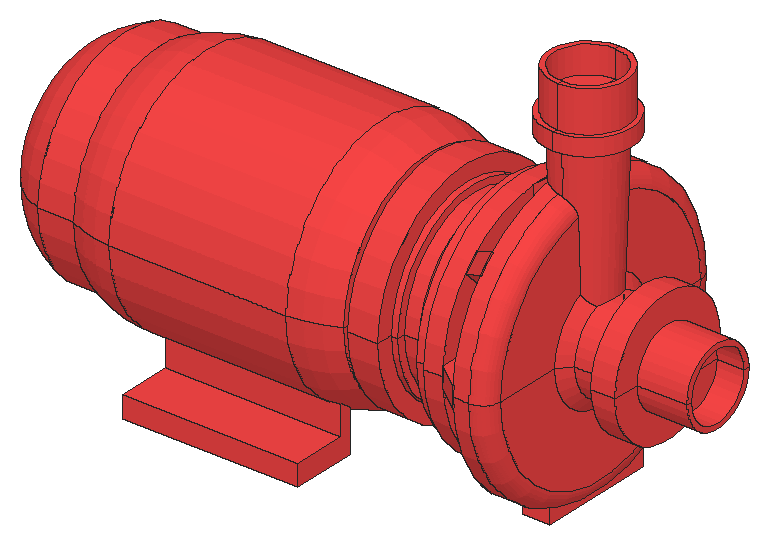
Revit family "Bomba de Incêndio Elétrica", category Equipamento mecânico, Revit 2026
Family settings
  Cota do conector redondo = Usar raio
  Classificação = Nenhum
  Tipo de parte = Normal
  Com base no plano de trabalho = Sim
  Sempre na vertical = Sim
  Corte com vazios quando carregada = Não
  Manter orientação da anotação = Não
  Compartilhado = Não
  Ponto de cálculo do ambiente = Não
Parameters (values of type "Bomba de Incêndio - 7.5cv")
  Vazão Saída [instance] = 0.0 L/min
  Vazão Entrada [instance] = Vazão Saída  # 0.0 L/min
  Tipo de imagem = Bomba Eletrica.png
  Tipo de Sistema [instance] = ""
  Símbolo [instance] = yes
  SÍMBOLO = yes
  Modelo = "Hidráulica"
  Mato Grosso = no
  Material = Vermelho
  IMAGEM SIMBOLO MATO GROSSO = 0
  IMAGEM SIMBOLO DISTRITO FEDERAL = 0
  IMAGEM SIMBOLO DEMAIS ESTADOS = 0
  Fabricante = "-"
  Localização no Projeto [instance] = ""
  Default Elevation = 1219.2 mm
  Diâmetro Sucção [instance] = 32.5 mm
  Diâmetro Recalque [instance] = 32.5 mm
  Distrito Federal = no
  Dimensões = ""
  Descrição do Material = ""
  Descrição = "Bombas de Incêndio - Sistema de Hidrante - 7.5cv"
  Demais estados = yes
  DESCRIÇÃO DO MATERIAL = Descrição  # "Bombas de Incêndio - Sistema de Hidrante - 7.5cv"
  Base = Concrete
Types (2, lengths in mm): name | Descrição | DESCRIÇÃO DO MATERIAL
  Bomba de Incêndio - 7.5cv | "Bombas de Incêndio - Sistema de Hidrante - 7.5cv" | "Bombas de Incêndio - Sistema de Hidrante - 7.5cv"
  Bomba de Incêndio - 5cv | "Bomba de Recalque - Sistema de Sprinklers - 5cv" | "Bomba de Recalque - Sistema de Sprinklers - 5cv"
Reference planes
  plane 1 "Center (Front/Back)": y = 0
  plane 2: z = 0
  plane 3 "Center (Left/Right)": x = 0
  plane 4: x = -125.439
Forms (mm)
  Revolve 1, solid, material "Vermelho", detail levels medium+fine
    sketch origin (0, 0, 138.971) x (1, 0, 0) y (0, 1, 0)
      loop
        line (-277.803, 93.836) -> (-277.803, 106.637)
        arc (-277.803, 106.637) -> (-300.004, 116.166) -> (-323.944, 119.421) r 89.66
        line (-323.944, 119.421) -> (-496.134, 119.421)
        arc (-496.134, 119.421) -> (-519.55, 115.769) -> (-541.576, 107.022) r 106.358
        line (-541.576, 107.022) -> (-575.576, 107.022)
        arc (-575.576, 107.022) -> (-604.124, 90.526) -> (-624.427, 64.548) r 86.51
        line (-624.427, 64.548) -> (-624.427, 0) -> (-25.667, 0) -> (-25.667, 32.5) -> (1.033, 32.5) -> (1.033, 37.5) -> (-47.852, 37.5) -> (-47.852, 64.399) -> (-70.537, 64.399) -> (-70.537, 44.399) -> (-103.083, 44.399) -> (-112.704, 56.81) -> (-112.704, 121.758)
        arc (-112.704, 121.758) -> (-117.805, 134.072) -> (-130.119, 139.173) r 17.415
        line (-130.119, 139.173) -> (-145.553, 139.173) -> (-145.553, 49.949) -> (-171.347, 49.949) -> (-171.347, 119.421) -> (-189.813, 119.421) -> (-189.813, 112.991) -> (-201.721, 112.991) -> (-201.721, 21.621) -> (-206.192, 21.621) -> (-206.192, 27.14) -> (-211.501, 27.14) -> (-211.501, 41.845) -> (-216.391, 46.735) -> (-216.391, 59.064) -> (-217.963, 59.064) -> (-217.963, 73.001) -> (-220.087, 73.001) -> (-220.087, 86.728) -> (-235.087, 86.728) -> (-235.087, 93.836) -> (-242.175, 93.836) -> (-242.175, 109.536) -> (-271.236, 109.536) -> (-271.236, 93.836) -> (-277.803, 93.836)
      axis (-624.427, 0) -> (1.033, 0)
    angle from 0 to 360
  Extrusion 2, solid, material "Vermelho", detail levels medium+fine
    sketch origin (0, 0, 138.971) x (0, 1, 0) y (0, 0, 1)
      loop
        line (-54.173, -98.971) -> (-54.173, -138.971) -> (59.223, -138.971) -> (59.223, -98.971) -> (-54.173, -98.971)
    from -145.553 to -119
  Revolve 3, solid, material "Vermelho", detail levels medium+fine
    sketch origin (-125, 0, 138.971) x (0, 1, 0) y (0, 0, 1)
      loop
        line (37.5, 236.222) -> (32.5, 236.222) -> (32.5, 209.522) -> (0, 209.522) -> (0, 23.895) -> (27.174, 23.895) -> (32.504, 179.489) -> (42.504, 179.489) -> (42.504, 196.029) -> (37.5, 196.029) -> (37.5, 236.222)
      axis (0, 23.895) -> (0, 236.222)
    angle from 0 to 360
  Extrusion 4, solid, material "Vermelho", detail levels medium+fine
    sketch origin (0, 0, 138.971) x (1, 0, 0) y (0, 1, 0)
      loop
        line (-171.347, 119.421) -> (-171.347, 54.173) -> (-145.553, 54.173) -> (-145.553, 139.173) -> (-171.347, 119.421)
    from -10 to 10
  Extrusion 5, solid, material "Vermelho", detail levels medium+fine
    sketch origin (0, 0, 138.971) x (1, 0, 0) y (0, 0.707107, 0.707107)
      loop
        line (-171.347, 119.421) -> (-171.347, 54.173) -> (-145.553, 54.173) -> (-145.553, 139.173) -> (-171.347, 119.421)
    from -10 to 10
  Extrusion 6, solid, material "Vermelho", detail levels medium+fine
    sketch origin (0, 0, 138.971) x (1, 0, 0) y (0, 0, 1)
      loop
        line (-171.347, 119.421) -> (-171.347, 54.173) -> (-145.553, 54.173) -> (-145.553, 139.173) -> (-171.347, 119.421)
    from -10 to 10
  Extrusion 7, solid, material "Vermelho", detail levels medium+fine
    sketch origin (0, 0, 138.971) x (1, 0, 0) y (0, 1, 0)
      loop
        line (-171.347, -119.421) -> (-145.553, -139.173) -> (-145.553, -54.173) -> (-171.347, -54.173) -> (-171.347, -119.421)
    from -10 to 10
  Extrusion 8, solid, material "Vermelho", detail levels medium+fine
    sketch origin (0, 0, 138.971) x (1, 0, 0) y (0, 0.707107, -0.707107)
      loop
        line (-171.347, -119.421) -> (-145.553, -139.173) -> (-145.553, -54.173) -> (-171.347, -54.173) -> (-171.347, -119.421)
    from -10 to 10
  Extrusion 9, solid, material "Vermelho", detail levels medium+fine
    sketch origin (0, 0, 138.971) x (1, 0, 0) y (0, -0.707107, 0.707107)
      loop
        line (-171.347, -119.421) -> (-145.553, -139.173) -> (-145.553, -54.173) -> (-171.347, -54.173) -> (-171.347, -119.421)
    from -10 to 10
  Extrusion 10, solid, material "Vermelho", detail levels medium+fine
    sketch origin (0, 0, 138.971) x (1, 0, 0) y (0, 0, 1)
      loop
        line (-171.347, -119.421) -> (-145.553, -139.173) -> (-145.553, -54.173) -> (-171.347, -54.173) -> (-171.347, -119.421)
    from -10 to 10
  Extrusion 11, solid, material "Vermelho", detail levels medium+fine
    sketch origin (0, 0, 138.971) x (1, 0, 0) y (0, -0.707107, -0.707107)
      loop
        line (-171.347, 119.421) -> (-171.347, 54.173) -> (-145.553, 54.173) -> (-145.553, 139.173) -> (-171.347, 119.421)
    from -10 to 10
  Extrusion 12, solid, material "Vermelho", detail levels medium+fine
    sketch origin (-330, 0, 138.971) x (0, 1, 0) y (0, 0, 1)
      loop
        line (99.551, 22.939) -> (65.116, -11.496) -> (65.116, -138.971) -> (125.759, -138.971) -> (125.759, -118.473) -> (99.551, -118.473) -> (99.551, 22.939)
      loop
        line (-75.731, -13.593) -> (-75.731, -118.473) -> (-129.009, -118.473) -> (-129.009, -138.971) -> (-65.116, -138.971) -> (-65.116, -24.208) -> (-75.731, -13.593)
    from -145.553 to 25
Lines and regions (mm)
  model lines, detail levels medium+fine
    curve 1: line (-125.439, -28.375, 0) -> (-125.439, 43.06, 0)
Dimensions and locks
  "Diâmetro Sucção": Revolve 1 sketch curve to Revolve 1 sketch curve
  locked: Revolve 1 sketch curve to Revolve 1 sketch curve at 5
  "Diâmetro Recalque": Revolve 3 sketch curve to Revolve 3 sketch curve
  locked: Revolve 3 sketch curve to Revolve 3 sketch curve at 5
  aligned and locked: level to plane 2
  aligned and locked: nested 1 to plane 3 "Center (Left/Right)"
  aligned and locked: nested 1 to plane 1 "Center (Front/Back)"
Automatic sketch dimensions
  curve 1 to plane 4 = 0 mm
  plane 1 "Center (Front/Back)" to curve 1 = 28.375 mm
  curve 1 to plane 1 "Center (Front/Back)" = 43.06 mm
  Extrusion 2 sketch curve to level = 0 mm
  plane 1 "Center (Front/Back)" to Extrusion 2 sketch curve = 54.173 mm
  Extrusion 2 sketch curve to plane 1 "Center (Front/Back)" = 59.223 mm
  level to Extrusion 2 sketch curve = 40 mm
  plane 4 to Extrusion 4 sketch curve = 45.907 mm
  plane 4 to Extrusion 4 sketch curve = 20.114 mm
  Extrusion 4 sketch curve to plane 1 "Center (Front/Back)" = 54.173 mm
  Extrusion 4 sketch curve to Extrusion 4 sketch curve = 65.248 mm
  Extrusion 4 sketch curve to Extrusion 4 sketch curve = 19.752 mm
  plane 4 to Extrusion 5 sketch curve = 45.907 mm
  plane 4 to Extrusion 5 sketch curve = 20.114 mm
  Extrusion 5 sketch curve to Extrusion 5 sketch curve = 65.248 mm
  Extrusion 5 sketch curve to Extrusion 5 sketch curve = 19.752 mm
  plane 4 to Extrusion 6 sketch curve = 45.907 mm
  plane 4 to Extrusion 6 sketch curve = 20.114 mm
  level to Extrusion 6 sketch curve = 193.144 mm
  Extrusion 6 sketch curve to Extrusion 6 sketch curve = 65.248 mm
  Extrusion 6 sketch curve to Extrusion 6 sketch curve = 19.752 mm
  Extrusion 7 sketch curve to plane 4 = 45.907 mm
  Extrusion 7 sketch curve to plane 4 = 20.114 mm
  Extrusion 7 sketch curve to plane 1 "Center (Front/Back)" = 54.173 mm
  Extrusion 7 sketch curve to Extrusion 7 sketch curve = 65.248 mm
  Extrusion 7 sketch curve to Extrusion 7 sketch curve = 19.752 mm
  plane 4 to Extrusion 8 sketch curve = 45.907 mm
  plane 4 to Extrusion 8 sketch curve = 20.114 mm
  Extrusion 8 sketch curve to Extrusion 8 sketch curve = 19.752 mm
  Extrusion 8 sketch curve to Extrusion 8 sketch curve = 65.248 mm
  plane 4 to Extrusion 9 sketch curve = 45.907 mm
  plane 4 to Extrusion 9 sketch curve = 20.114 mm
  Extrusion 9 sketch curve to Extrusion 9 sketch curve = 19.752 mm
  Extrusion 9 sketch curve to Extrusion 9 sketch curve = 65.248 mm
  level to Extrusion 10 sketch curve = 19.55 mm
  plane 4 to Extrusion 10 sketch curve = 45.907 mm
  plane 4 to Extrusion 10 sketch curve = 20.114 mm
  Extrusion 10 sketch curve to level = 0.202 mm
  Extrusion 10 sketch curve to Extrusion 10 sketch curve = 65.248 mm
  plane 4 to Extrusion 11 sketch curve = 45.907 mm
  plane 4 to Extrusion 11 sketch curve = 20.114 mm
  Extrusion 11 sketch curve to Extrusion 11 sketch curve = 65.248 mm
  Extrusion 11 sketch curve to Extrusion 11 sketch curve = 19.752 mm
  Extrusion 12 sketch curve to level = 0 mm  (x2)
  plane 1 "Center (Front/Back)" to Extrusion 12 sketch curve = 129.009 mm
  plane 1 "Center (Front/Back)" to Extrusion 12 sketch curve = 75.731 mm
  Extrusion 12 sketch curve to Extrusion 12 sketch curve = 10.615 mm  (x2)
  Extrusion 12 sketch curve to plane 1 "Center (Front/Back)" = 65.116 mm
  Extrusion 12 sketch curve to Extrusion 12 sketch curve = 34.435 mm  (x2)
  Extrusion 12 sketch curve to Extrusion 12 sketch curve = 26.207 mm
  level to Extrusion 12 sketch curve = 20.498 mm  (x2)
  Extrusion 12 sketch curve to Extrusion 12 sketch curve = 94.265 mm
  Extrusion 12 sketch curve to Extrusion 12 sketch curve = 106.977 mm
  Revolve 1 sketch curve to plane 1 "Center (Front/Back)" = 0 mm
  plane 1 "Center (Front/Back)" to Revolve 1 sketch curve = 0 mm
  plane 4 to Revolve 1 sketch curve = 498.987 mm
  Revolve 1 sketch curve to Revolve 1 sketch curve = 48.85 mm
  Revolve 1 sketch curve to plane 1 "Center (Front/Back)" = 25.242 mm
  Revolve 1 sketch curve to Revolve 1 sketch curve = 77.065 mm
  Revolve 1 sketch curve to Revolve 1 sketch curve = 34 mm
  Revolve 1 sketch curve to Revolve 1 sketch curve = 45.442 mm
  Revolve 1 sketch curve to plane 1 "Center (Front/Back)" = 13.162 mm
  Revolve 1 sketch curve to Revolve 1 sketch curve = 55.81 mm
  Revolve 1 sketch curve to Revolve 1 sketch curve = 172.19 mm
  Revolve 1 sketch curve to Revolve 1 sketch curve = 46.141 mm
  Revolve 1 sketch curve to Revolve 1 sketch curve = 6.567 mm
  Revolve 1 sketch curve to Revolve 1 sketch curve = 29.061 mm
  Revolve 1 sketch curve to Revolve 1 sketch curve = 7.088 mm
  Revolve 1 sketch curve to Revolve 1 sketch curve = 15 mm
  Revolve 1 sketch curve to Revolve 1 sketch curve = 2.125 mm
  Revolve 1 sketch curve to Revolve 1 sketch curve = 1.572 mm
  Revolve 1 sketch curve to plane 1 "Center (Front/Back)" = 41.845 mm
  Revolve 1 sketch curve to Revolve 1 sketch curve = 4.89 mm  (x2)
  Revolve 1 sketch curve to Revolve 1 sketch curve = 5.309 mm
  Revolve 1 sketch curve to Revolve 1 sketch curve = 4.471 mm
  Revolve 1 sketch curve to Revolve 1 sketch curve = 11.908 mm
  Revolve 1 sketch curve to Revolve 1 sketch curve = 18.466 mm
  plane 4 to Revolve 1 sketch curve = 20.114 mm
  plane 4 to Revolve 1 sketch curve = 4.679 mm
  Revolve 1 sketch curve to plane 4 = 12.736 mm
  Revolve 1 sketch curve to Revolve 1 sketch curve = 9.62 mm
  Revolve 1 sketch curve to Revolve 1 sketch curve = 32.546 mm
  Revolve 1 sketch curve to Revolve 1 sketch curve = 22.686 mm
  Revolve 1 sketch curve to Revolve 1 sketch curve = 22.184 mm
  plane 3 "Center (Left/Right)" to Revolve 1 sketch curve = 1.033 mm
  Revolve 1 sketch curve to plane 1 "Center (Front/Back)" = 21.621 mm
  Revolve 1 sketch curve to Revolve 1 sketch curve = 5.519 mm
  Revolve 1 sketch curve to plane 1 "Center (Front/Back)" = 29.762 mm
  Revolve 1 sketch curve to Revolve 1 sketch curve = 6.899 mm
  Revolve 1 sketch curve to Revolve 1 sketch curve = 8.104 mm
  Revolve 1 sketch curve to Revolve 1 sketch curve = 12.411 mm
  Revolve 1 sketch curve to Revolve 1 sketch curve = 12.33 mm
  Revolve 1 sketch curve to Revolve 1 sketch curve = 20 mm
  Revolve 1 sketch curve to Revolve 1 sketch curve = 64.548 mm
  Revolve 1 sketch curve to Revolve 1 sketch curve = 13.937 mm
  Revolve 1 sketch curve to Revolve 1 sketch curve = 13.727 mm
  Revolve 1 sketch curve to Revolve 1 sketch curve = 7.108 mm
  Revolve 1 sketch curve to Revolve 1 sketch curve = 12.801 mm
  Revolve 1 sketch curve to Revolve 1 sketch curve = 15.7 mm
  Revolve 1 sketch curve to Revolve 1 sketch curve = 26.263 mm
  Revolve 1 sketch curve to Revolve 1 sketch curve = 6.431 mm
  Revolve 1 sketch curve to Revolve 1 sketch curve = 2.337 mm
  Revolve 1 sketch curve to plane 3 "Center (Left/Right)" = 8.967 mm
  plane 3 "Center (Left/Right)" to Revolve 1 sketch curve = 66.033 mm
  Revolve 3 sketch curve to plane 1 "Center (Front/Back)" = 0 mm  (x2)
  Revolve 3 sketch curve to Revolve 3 sketch curve = 27.174 mm
  Revolve 3 sketch curve to Revolve 3 sketch curve = 4.996 mm
  Revolve 3 sketch curve to Revolve 3 sketch curve = 10 mm
  level to Revolve 3 sketch curve = 162.866 mm
  Revolve 3 sketch curve to Revolve 3 sketch curve = 155.594 mm
  Revolve 3 sketch curve to Revolve 3 sketch curve = 16.54 mm
  Revolve 3 sketch curve to Revolve 3 sketch curve = 13.493 mm
  Revolve 3 sketch curve to Revolve 3 sketch curve = 26.7 mm
  Revolve 3 sketch curve to Revolve 3 sketch curve = 11.7 mm
  Revolve 3 sketch curve to Revolve 3 sketch curve = 30 mm
Nested families
  nested 1: "Simbolo Bomba de incêndio1" at (0, 0, 0) x (-1, 0, 0) z (0, 0, 1), visible <- "Demais estados", type "Simbolo Bomba de incêndio 2", detail levels coarse
    with Deslocamento lateral do simbolo 0 mm, Deslocamento frontal do simbolo 0 mm, Desloc. Frente 0 mm, Desloc. Esquerda 0 mm
Connectors
  piping at (-25.667, 0, 138.971), diameter 65, driven by "Vazão Entrada", driven by "Diâmetro Sucção"
    settings: on Revolve 1, index 5, connector inside diameter 609.6 mm, connector length 0 mm, flow factor 0, pipe flow 0.0 L/min, pressure drop 0.0 Pa, fitting loss kfactor 0, connector angle 0.00°, fixture units 0, engagement length 0 mm, angle of deflection 0.00°, flow configuration 1, flow direction 1, fitting loss method 0, system type 23, joint type 0, gender type 0, connector reference index -1, connector utility 0, adjustable connector no, is connector primary yes, connector description ""
  piping at (-125, 0, 348.493), diameter 65, driven by "Vazão Saída", driven by "Diâmetro Recalque"
    settings: on Revolve 3, index 6, connector inside diameter 609.6 mm, connector length 0 mm, flow factor 0, pipe flow 0.0 L/min, pressure drop 0.0 Pa, fitting loss kfactor 0, connector angle 0.00°, fixture units 0, engagement length 0 mm, angle of deflection 0.00°, flow configuration 1, flow direction 2, fitting loss method 0, system type 23, joint type 0, gender type 0, connector reference index -1, connector utility 0, adjustable connector no, is connector primary no, connector description ""
Definition of nested family "Simbolo Bomba de incêndio1"
  Parameters (values of type "Simbolo Bomba de incêndio 2")
    Deslocamento lateral do simbolo [instance] = 0 mm
    Deslocamento frontal do simbolo [instance] = 0 mm
    Desloc. Frente [instance] = 0 mm
    Desloc. Esquerda [instance] = 0 mm
  Reference planes
    plane 1: y = 0
    plane 2: x = 0
  Lines and regions (mm)
    detail lines, not visible
      curve 1: line (0, 8, 0) -> (0, 0, 0)
      curve 2: circle (0, 4, 0) r 4 normal (0, 0, 1)
      curve 3: line (-4, 4, 0) -> (0, 8, 0)
      curve 4: line (-4, 4, 0) -> (0, 0, 0)
      curve 5: arc (0, 4, 0) -> (0.6, 4.165, 0) -> (1.043, 4.603, 0) r 1.227
      curve 6: arc (0, 4, 0) -> (0.6, 3.836, 0) -> (1.043, 3.398, 0) r 1.227
      curve 7: arc (0, 5.205, 0) -> (0.6, 5.369, 0) -> (1.043, 5.807, 0) r 1.227
      curve 8: arc (0, 5.205, 0) -> (0.6, 5.04, 0) -> (1.043, 4.603, 0) r 1.227
      curve 9: arc (0, 2.796, 0) -> (0.6, 2.96, 0) -> (1.043, 3.398, 0) r 1.227
      curve 10: arc (0, 2.796, 0) -> (0.6, 2.632, 0) -> (1.043, 2.194, 0) r 1.227
    detail lines
      curve 11: circle (1.013, 0, 0) r 1 normal (0, 0, 1)
      curve 12: line (0.013, 0, 0) -> (1.013, 1, 0)
      curve 13: line (0.013, 0, 0) -> (1.013, -1, 0)
      curve 14: arc (1.017, 0, 0) -> (1.264, 0.063, 0) -> (1.446, 0.241, 0) r 0.492
      curve 15: arc (1.017, 0, 0) -> (1.264, -0.063, 0) -> (1.446, -0.241, 0) r 0.492
      curve 16: arc (1.017, 0.482, 0) -> (1.264, 0.546, 0) -> (1.446, 0.724, 0) r 0.492
      curve 17: arc (1.017, 0.482, 0) -> (1.264, 0.419, 0) -> (1.446, 0.241, 0) r 0.492
      curve 18: arc (1.017, -0.482, 0) -> (1.264, -0.419, 0) -> (1.446, -0.241, 0) r 0.492
      curve 19: arc (1.017, -0.482, 0) -> (1.264, -0.546, 0) -> (1.446, -0.724, 0) r 0.492
